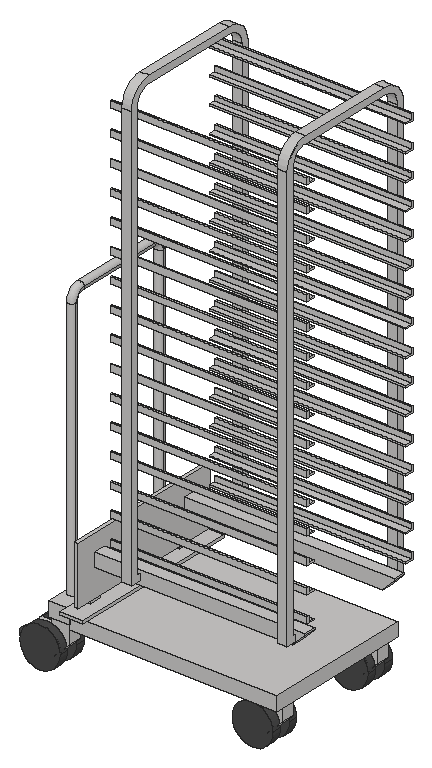
Revit family "QF_ELECTROLUXPROFESSIONAL_922761_TRPA2011C", category Attrezzature speciali, Revit 2020
Family settings
  Quota connettore circolare = Usa diametro
  Tipo di parte = Normale
  Basato su piano di lavoro = No
  Sempre verticale = Sì
  Taglio con vuoti quando caricato = No
  Condiviso = No
  Punto di calcolo locali = No
Parameters (values of type "Standard")
  Weight = 0.00 kg
  Watts = 0 W
  Volts = 0 V
  URL Manufacturer = ""
  URL = ""
  Steam Supply Size = 0 mm
  Steam Supply Minimum Pressure = 0.0 Pa
  Steam Supply Maximum Pressure = 0.0 Pa
  Steam Consumption per Hour = 0
  Show Clearance [instance] = yes
  Refrigeration Suction Line Size = 0 mm
  Refrigeration Liquid Line Size = 0 mm
  Refrigerant Compressor Remote = yes
  Prospetto di default = 0 mm
  Manufacturer = ""
  Phase = 0
  Model = ""
  Length Actual = 544 mm  # constant formula
  Item Number = ""
  Hot Water Size = 0 mm
  Height Actual = 1695 mm  # constant formula
  HP = ""
  Gas Size = 0 mm
  Gas KW = 0
  Gas Input Pressure = 0 W
  Direct Waste Size = 0 mm
  Description = ""
  Depth Actual = 841 mm  # constant formula
  Cycle = 0 Hz
  Condensate Return Size = 0 mm
  Compressed Air Volume = 0.0 L/s
  Compressed Air Size = 0 mm
  Compressed Air Pressure = 0.0 Pa
  Cold Water Size = 0 mm
  Accessory = yes
Reference planes
  plane 1 "Back": y = 0
  plane 2: z = 0
  plane 3 "FRONT": y = -544
  plane 4 "LEFT": x = -126
  plane 5 "RIGHT": x = 747
  plane 6: x = 310.5
  plane 7 "Centro Avanti/Indietro": y = -272
  plane 8: z = 1039
  plane 9: z = 130
  plane 10: z = 303
  plane 11: z = 62.5
  plane 12: y = -38.5
  plane 13: y = -505.5
  plane 14: y = -98.5
  plane 15: y = -445.5
  plane 16: y = -64
  plane 17: y = -480
  plane 18: y = -455.5
  plane 19: y = -88.5
  plane 20: z = 1695
Forms (mm)
  Extrusion 1, solid, material "QF_Finishes_Stainless Steel"
    sketch origin (29.224, 168.988, 0) x (-1, 0, 0) y (0, 0, 1)
      loop
        line (111.112, 108.639) -> (50.962, 108.639) -> (50.962, 145.401) -> (-2.479, 145.401) -> (-2.479, 84.018) -> (42.521, 39.018) -> (111.112, 39.018) -> (111.112, 108.639)
    from -668.238 to -629.997
  Extrusion 2, solid, material "QF_Finishes_Black"
    sketch origin (-0.776, 166.488, 1.25) x (-1, 0, 0) y (0, 0, 1)
      loop
        circle (37.949, 63.776) r 62.5
    from -627.497 to -600.488
  Extrusion 3, solid, material "QF_Finishes_Stainless Steel"
    sketch origin (0, 0, 0) x (1, 0, 0) y (0, 1, 0)
      loop
        line (36.598, -38.5) -> (36.598, -505.5) -> (677.106, -505.5) -> (677.106, -38.5) -> (36.598, -38.5)
    from 130 to 172.815
  Extrusion 4, solid, material "QF_Finishes_Stainless Steel"
    sketch origin (0, 250, 0) x (-1, 0, 0) y (0, 0, 1)
      loop
        line (27.318, 188.74) -> (-36.598, 188.74) -> (-36.598, 145.401) -> (27.318, 145.401) -> (27.318, 188.74)
    from -755.5 to -288.5
  Extrusion 5, solid, material "QF_Finishes_Stainless Steel"
    sketch origin (0, 0, 0) x (1, 0, 0) y (0, 1, 0)
      loop
        line (36.598, 0) -> (36.598, -544) -> (107.934, -544) -> (107.934, 0) -> (36.598, 0)
    from 188.74 to 196.958
  Extrusion 6, solid, material "QF_Finishes_Stainless Steel"
    sketch origin (0, 0, 0) x (0, 1, 0) y (0, 0, 1)
      loop
        line (-18.5, 393.148) -> (-525.5, 393.148) -> (-525.5, 213.148) -> (-18.5, 213.148) -> (-18.5, 393.148)
    from 68.292 to 79
  Extrusion 7, solid, material "QF_Finishes_Stainless Steel"
    sketch origin (0, 250.569, 0) x (-1, 0, 0) y (0, 0, 1)
      loop
        line (-79, 343.896) -> (-729.703, 343.896) -> (-729.703, 338.896) -> (-693.807, 303) -> (-79, 303) -> (-79, 343.896)
    from -368.139 to -330
  Extrusion 8, solid, material "QF_Finishes_Stainless Steel"
    sketch origin (0, -794.569, 0) x (-1, 0, 0) y (0, 0, -1)
      loop
        line (-79, -343.896) -> (-79, -303) -> (-693.807, -303) -> (-729.703, -338.896) -> (-729.703, -343.896) -> (-79, -343.896)
    from -368.139 to -330
  Extrusion 9, solid, material "QF_Finishes_Stainless Steel"
    sketch origin (0, 0.569, 0) x (1, 0, 0) y (0, 1, 0)
      loop
        line (36.598, -79.985) -> (36.598, -118.139) -> (68.292, -118.139) -> (68.292, -79.985) -> (36.598, -79.985)
    from 172.815 to 343.896
  Extrusion 10, solid, material "QF_Finishes_Stainless Steel"
    sketch origin (0, -544.569, 0) x (1, 0, 0) y (0, 1, 0)
      loop
        line (36.598, 79.985) -> (68.292, 79.985) -> (68.292, 118.139) -> (36.598, 118.139) -> (36.598, 79.985)
    from 172.815 to 343.896
  Sweep 11, solid, material "QF_Finishes_Stainless Steel"
    path origin (-7.5, 0, 0) x (0, 1, 0) y (0, 0, 1)
      loop
        line (-103.5, 188.74) -> (-103.5, 996.5)
        arc (-103.5, 996.5) -> (-112.287, 1017.713) -> (-133.5, 1026.5) r 30
        line (-133.5, 1026.5) -> (-410.5, 1026.5)
        arc (-410.5, 1026.5) -> (-431.713, 1017.713) -> (-440.5, 996.5) r 30
        line (-440.5, 996.5) -> (-440.5, 188.74)
    profile origin (-7.5, -440.5, 592.62) x (1, 0, 0) y (0, 1, 0)
      loop
        circle (0, 0) r 12.5
  Extrusion 12, solid, material "QF_Finishes_Black"
    sketch origin (-0.776, -1129.75, 1.25) x (-1, 0, 0) y (0, 0, -1)
      loop
        circle (37.949, -63.776) r 62.5
    from -630.5 to -605.432
  Extrusion 13, solid, material "QF_Finishes_Black"
    sketch origin (-1286.156, -754.376, -35) x (1, 0, 0) y (0, 1, 0)
      loop
        line (1211.509, 293.368) -> (1184.931, 293.368) -> (1184.931, 305.126)
        arc (1184.931, 305.126) -> (1160.117, 272.745) -> (1184.931, 240.364) r 33.534
        line (1184.931, 240.364) -> (1184.931, 255.126) -> (1211.509, 255.126) -> (1211.509, 293.368)
    from 101.353 to 108.639
  Extrusion 14, solid, material "QF_Finishes_Stainless Steel"
    sketch origin (29.224, -712.988, 0) x (-1, 0, 0) y (0, 0, -1)
      loop
        line (111.112, -108.639) -> (111.112, -39.018) -> (42.521, -39.018) -> (-2.479, -84.018) -> (-2.479, -145.401) -> (50.962, -145.401) -> (50.962, -108.639) -> (111.112, -108.639)
    from -668.238 to -629.997
  Extrusion 15, solid, material "QF_Finishes_Black"
    sketch origin (-0.776, -710.488, 1.25) x (-1, 0, 0) y (0, 0, -1)
      loop
        circle (37.949, -63.776) r 62.5
    from -627.497 to -600.488
  Extrusion 16, solid, material "QF_Finishes_Black"
    sketch origin (-0.776, 585.75, 1.25) x (-1, 0, 0) y (0, 0, 1)
      loop
        circle (37.949, 63.776) r 62.5
    from -630.5 to -605.432
  Extrusion 17, solid, material "QF_Finishes_Black"
    sketch origin (-1286.156, 210.376, -35) x (1, 0, 0) y (0, 1, 0)
      loop
        line (1211.509, -293.368) -> (1211.509, -255.126) -> (1184.931, -255.126) -> (1184.931, -240.364)
        arc (1184.931, -240.364) -> (1160.117, -272.745) -> (1184.931, -305.126) r 33.534
        line (1184.931, -305.126) -> (1184.931, -293.368) -> (1211.509, -293.368)
    from 101.353 to 108.639
  Extrusion 18, solid, material "QF_Finishes_Stainless Steel"
    sketch origin (667.246, 560.617, 0) x (-1, 0, 0) y (0, 0, 1)
      loop
        line (111.112, 108.639) -> (50.962, 108.639) -> (50.962, 145.401) -> (-2.479, 145.401) -> (-2.479, 84.018) -> (42.521, 39.018) -> (111.112, 39.018) -> (111.112, 108.639)
    from -668.238 to -629.997
  Extrusion 19, solid, material "QF_Finishes_Black"
    sketch origin (637.246, 558.117, 1.25) x (-1, 0, 0) y (0, 0, 1)
      loop
        circle (37.949, 63.776) r 62.5
    from -627.497 to -600.488
  Extrusion 20, solid, material "QF_Finishes_Black"
    sketch origin (637.246, -738.121, 1.25) x (-1, 0, 0) y (0, 0, -1)
      loop
        circle (37.949, -63.776) r 62.5
    from -630.5 to -605.432
  Extrusion 21, solid, material "QF_Finishes_Stainless Steel"
    sketch origin (667.246, -1104.617, 0) x (-1, 0, 0) y (0, 0, -1)
      loop
        line (111.112, -108.639) -> (111.112, -39.018) -> (42.521, -39.018) -> (-2.479, -84.018) -> (-2.479, -145.401) -> (50.962, -145.401) -> (50.962, -108.639) -> (111.112, -108.639)
    from -668.238 to -629.997
  Extrusion 22, solid, material "QF_Finishes_Black"
    sketch origin (637.246, -1102.117, 1.25) x (-1, 0, 0) y (0, 0, -1)
      loop
        circle (37.949, -63.776) r 62.5
    from -627.497 to -600.488
  Extrusion 23, solid, material "QF_Finishes_Black"
    sketch origin (637.246, 194.121, 1.25) x (-1, 0, 0) y (0, 0, 1)
      loop
        circle (37.949, 63.776) r 62.5
    from -630.5 to -605.432
  Sweep 24, solid, material "QF_Finishes_Stainless Steel"
    path origin (206.25, 0, 0) x (0, 1, 0) y (0, 0, 1)
      loop
        line (-79.431, 323.448) -> (-58.5, 323.448) -> (-58.5, 1625)
        arc (-58.5, 1625) -> (-76.074, 1667.426) -> (-118.5, 1685) r 60
        line (-118.5, 1685) -> (-425.5, 1685)
        arc (-425.5, 1685) -> (-467.926, 1667.426) -> (-485.5, 1625) r 60
        line (-485.5, 1625) -> (-485.5, 323.448) -> (-464.569, 323.448)
    profile origin (206.25, -68.965, 323.448) x (0, 0, 1) y (1, 0, 0)
      loop
        line (-10, -15) -> (10, -15) -> (10, 15) -> (-10, 15) -> (-10, -15)
  Sweep 25, solid, material "QF_Finishes_Stainless Steel"
    path origin (686.25, 0, 0) x (0, 1, 0) y (0, 0, 1)
      loop
        line (-79.431, 323.448) -> (-58.5, 323.448) -> (-58.5, 1625)
        arc (-58.5, 1625) -> (-76.074, 1667.426) -> (-118.5, 1685) r 60
        line (-118.5, 1685) -> (-425.5, 1685)
        arc (-425.5, 1685) -> (-467.926, 1667.426) -> (-485.5, 1625) r 60
        line (-485.5, 1625) -> (-485.5, 323.448) -> (-464.569, 323.448)
    profile origin (686.25, -68.965, 323.448) x (0, 0, 1) y (1, 0, 0)
      loop
        line (-10, -15) -> (10, -15) -> (10, 15) -> (-10, 15) -> (-10, -15)
  Extrusion 26, solid, material "QF_Finishes_Stainless Steel"
    sketch origin (0, 0, 0) x (0, 1, 0) y (0, 0, 1)
      loop
        line (-68.5, 1617.949) -> (-73.5, 1617.949) -> (-73.5, 1602.949) -> (-93.5, 1602.949) -> (-93.5, 1597.949) -> (-68.5, 1597.949) -> (-68.5, 1617.949)
    from 140.755 to 747
  Extrusion 27, solid, material "QF_Finishes_Stainless Steel"
    sketch origin (0, -544, 0) x (0, -1, 0) y (0, 0, -1)
      loop
        line (-68.5, -1617.949) -> (-68.5, -1597.949) -> (-93.5, -1597.949) -> (-93.5, -1602.949) -> (-73.5, -1602.949) -> (-73.5, -1617.949) -> (-68.5, -1617.949)
    from 140.755 to 747
  Extrusion 28, solid, material "QF_Finishes_Stainless Steel"
    sketch origin (0, 0, -81) x (0, 1, 0) y (0, 0, 1)
      loop
        line (-68.5, 1617.949) -> (-73.5, 1617.949) -> (-73.5, 1602.949) -> (-93.5, 1602.949) -> (-93.5, 1597.949) -> (-68.5, 1597.949) -> (-68.5, 1617.949)
    from 140.755 to 747
  Extrusion 29, solid, material "QF_Finishes_Stainless Steel"
    sketch origin (0, -544, -81) x (0, -1, 0) y (0, 0, -1)
      loop
        line (-68.5, -1617.949) -> (-68.5, -1597.949) -> (-93.5, -1597.949) -> (-93.5, -1602.949) -> (-73.5, -1602.949) -> (-73.5, -1617.949) -> (-68.5, -1617.949)
    from 140.755 to 747
  Extrusion 30, solid, material "QF_Finishes_Stainless Steel"
    sketch origin (0, 0, -162) x (0, 1, 0) y (0, 0, 1)
      loop
        line (-68.5, 1617.949) -> (-73.5, 1617.949) -> (-73.5, 1602.949) -> (-93.5, 1602.949) -> (-93.5, 1597.949) -> (-68.5, 1597.949) -> (-68.5, 1617.949)
    from 140.755 to 747
  Extrusion 31, solid, material "QF_Finishes_Stainless Steel"
    sketch origin (0, -544, -162) x (0, -1, 0) y (0, 0, -1)
      loop
        line (-68.5, -1617.949) -> (-68.5, -1597.949) -> (-93.5, -1597.949) -> (-93.5, -1602.949) -> (-73.5, -1602.949) -> (-73.5, -1617.949) -> (-68.5, -1617.949)
    from 140.755 to 747
  Extrusion 32, solid, material "QF_Finishes_Stainless Steel"
    sketch origin (0, 0, -243) x (0, 1, 0) y (0, 0, 1)
      loop
        line (-68.5, 1617.949) -> (-73.5, 1617.949) -> (-73.5, 1602.949) -> (-93.5, 1602.949) -> (-93.5, 1597.949) -> (-68.5, 1597.949) -> (-68.5, 1617.949)
    from 140.755 to 747
  Extrusion 33, solid, material "QF_Finishes_Stainless Steel"
    sketch origin (0, -544, -243) x (0, -1, 0) y (0, 0, -1)
      loop
        line (-68.5, -1617.949) -> (-68.5, -1597.949) -> (-93.5, -1597.949) -> (-93.5, -1602.949) -> (-73.5, -1602.949) -> (-73.5, -1617.949) -> (-68.5, -1617.949)
    from 140.755 to 747
  Extrusion 34, solid, material "QF_Finishes_Stainless Steel"
    sketch origin (0, 0, -324) x (0, 1, 0) y (0, 0, 1)
      loop
        line (-68.5, 1617.949) -> (-73.5, 1617.949) -> (-73.5, 1602.949) -> (-93.5, 1602.949) -> (-93.5, 1597.949) -> (-68.5, 1597.949) -> (-68.5, 1617.949)
    from 140.755 to 747
  Extrusion 35, solid, material "QF_Finishes_Stainless Steel"
    sketch origin (0, -544, -324) x (0, -1, 0) y (0, 0, -1)
      loop
        line (-68.5, -1617.949) -> (-68.5, -1597.949) -> (-93.5, -1597.949) -> (-93.5, -1602.949) -> (-73.5, -1602.949) -> (-73.5, -1617.949) -> (-68.5, -1617.949)
    from 140.755 to 747
  Extrusion 36, solid, material "QF_Finishes_Stainless Steel"
    sketch origin (0, 0, -405) x (0, 1, 0) y (0, 0, 1)
      loop
        line (-68.5, 1617.949) -> (-73.5, 1617.949) -> (-73.5, 1602.949) -> (-93.5, 1602.949) -> (-93.5, 1597.949) -> (-68.5, 1597.949) -> (-68.5, 1617.949)
    from 140.755 to 747
  Extrusion 37, solid, material "QF_Finishes_Stainless Steel"
    sketch origin (0, -544, -405) x (0, -1, 0) y (0, 0, -1)
      loop
        line (-68.5, -1617.949) -> (-68.5, -1597.949) -> (-93.5, -1597.949) -> (-93.5, -1602.949) -> (-73.5, -1602.949) -> (-73.5, -1617.949) -> (-68.5, -1617.949)
    from 140.755 to 747
  Extrusion 38, solid, material "QF_Finishes_Stainless Steel"
    sketch origin (0, 0, -486) x (0, 1, 0) y (0, 0, 1)
      loop
        line (-68.5, 1617.949) -> (-73.5, 1617.949) -> (-73.5, 1602.949) -> (-93.5, 1602.949) -> (-93.5, 1597.949) -> (-68.5, 1597.949) -> (-68.5, 1617.949)
    from 140.755 to 747
  Extrusion 39, solid, material "QF_Finishes_Stainless Steel"
    sketch origin (0, -544, -486) x (0, -1, 0) y (0, 0, -1)
      loop
        line (-68.5, -1617.949) -> (-68.5, -1597.949) -> (-93.5, -1597.949) -> (-93.5, -1602.949) -> (-73.5, -1602.949) -> (-73.5, -1617.949) -> (-68.5, -1617.949)
    from 140.755 to 747
  Extrusion 40, solid, material "QF_Finishes_Stainless Steel"
    sketch origin (0, 0, -567) x (0, 1, 0) y (0, 0, 1)
      loop
        line (-68.5, 1617.949) -> (-73.5, 1617.949) -> (-73.5, 1602.949) -> (-93.5, 1602.949) -> (-93.5, 1597.949) -> (-68.5, 1597.949) -> (-68.5, 1617.949)
    from 140.755 to 747
  Extrusion 41, solid, material "QF_Finishes_Stainless Steel"
    sketch origin (0, -544, -567) x (0, -1, 0) y (0, 0, -1)
      loop
        line (-68.5, -1617.949) -> (-68.5, -1597.949) -> (-93.5, -1597.949) -> (-93.5, -1602.949) -> (-73.5, -1602.949) -> (-73.5, -1617.949) -> (-68.5, -1617.949)
    from 140.755 to 747
  Extrusion 42, solid, material "QF_Finishes_Stainless Steel"
    sketch origin (0, 0, -648) x (0, 1, 0) y (0, 0, 1)
      loop
        line (-68.5, 1617.949) -> (-73.5, 1617.949) -> (-73.5, 1602.949) -> (-93.5, 1602.949) -> (-93.5, 1597.949) -> (-68.5, 1597.949) -> (-68.5, 1617.949)
    from 140.755 to 747
  Extrusion 43, solid, material "QF_Finishes_Stainless Steel"
    sketch origin (0, -544, -648) x (0, -1, 0) y (0, 0, -1)
      loop
        line (-68.5, -1617.949) -> (-68.5, -1597.949) -> (-93.5, -1597.949) -> (-93.5, -1602.949) -> (-73.5, -1602.949) -> (-73.5, -1617.949) -> (-68.5, -1617.949)
    from 140.755 to 747
  Extrusion 44, solid, material "QF_Finishes_Stainless Steel"
    sketch origin (0, 0, -729) x (0, 1, 0) y (0, 0, 1)
      loop
        line (-68.5, 1617.949) -> (-73.5, 1617.949) -> (-73.5, 1602.949) -> (-93.5, 1602.949) -> (-93.5, 1597.949) -> (-68.5, 1597.949) -> (-68.5, 1617.949)
    from 140.755 to 747
  Extrusion 45, solid, material "QF_Finishes_Stainless Steel"
    sketch origin (0, -544, -729) x (0, -1, 0) y (0, 0, -1)
      loop
        line (-68.5, -1617.949) -> (-68.5, -1597.949) -> (-93.5, -1597.949) -> (-93.5, -1602.949) -> (-73.5, -1602.949) -> (-73.5, -1617.949) -> (-68.5, -1617.949)
    from 140.755 to 747
  Extrusion 46, solid, material "QF_Finishes_Stainless Steel"
    sketch origin (0, 0, -810) x (0, 1, 0) y (0, 0, 1)
      loop
        line (-68.5, 1617.949) -> (-73.5, 1617.949) -> (-73.5, 1602.949) -> (-93.5, 1602.949) -> (-93.5, 1597.949) -> (-68.5, 1597.949) -> (-68.5, 1617.949)
    from 140.755 to 747
  Extrusion 47, solid, material "QF_Finishes_Stainless Steel"
    sketch origin (0, -544, -810) x (0, -1, 0) y (0, 0, -1)
      loop
        line (-68.5, -1617.949) -> (-68.5, -1597.949) -> (-93.5, -1597.949) -> (-93.5, -1602.949) -> (-73.5, -1602.949) -> (-73.5, -1617.949) -> (-68.5, -1617.949)
    from 140.755 to 747
  Extrusion 48, solid, material "QF_Finishes_Stainless Steel"
    sketch origin (0, 0, -891) x (0, 1, 0) y (0, 0, 1)
      loop
        line (-68.5, 1617.949) -> (-73.5, 1617.949) -> (-73.5, 1602.949) -> (-93.5, 1602.949) -> (-93.5, 1597.949) -> (-68.5, 1597.949) -> (-68.5, 1617.949)
    from 140.755 to 747
  Extrusion 49, solid, material "QF_Finishes_Stainless Steel"
    sketch origin (0, -544, -891) x (0, -1, 0) y (0, 0, -1)
      loop
        line (-68.5, -1617.949) -> (-68.5, -1597.949) -> (-93.5, -1597.949) -> (-93.5, -1602.949) -> (-73.5, -1602.949) -> (-73.5, -1617.949) -> (-68.5, -1617.949)
    from 140.755 to 747
  Extrusion 50, solid, material "QF_Finishes_Stainless Steel"
    sketch origin (0, 0, -972) x (0, 1, 0) y (0, 0, 1)
      loop
        line (-68.5, 1617.949) -> (-73.5, 1617.949) -> (-73.5, 1602.949) -> (-93.5, 1602.949) -> (-93.5, 1597.949) -> (-68.5, 1597.949) -> (-68.5, 1617.949)
    from 140.755 to 747
  Extrusion 51, solid, material "QF_Finishes_Stainless Steel"
    sketch origin (0, -544, -972) x (0, -1, 0) y (0, 0, -1)
      loop
        line (-68.5, -1617.949) -> (-68.5, -1597.949) -> (-93.5, -1597.949) -> (-93.5, -1602.949) -> (-73.5, -1602.949) -> (-73.5, -1617.949) -> (-68.5, -1617.949)
    from 140.755 to 747
  Extrusion 52, solid, material "QF_Finishes_Stainless Steel"
    sketch origin (0, 0, -1053) x (0, 1, 0) y (0, 0, 1)
      loop
        line (-68.5, 1617.949) -> (-73.5, 1617.949) -> (-73.5, 1602.949) -> (-93.5, 1602.949) -> (-93.5, 1597.949) -> (-68.5, 1597.949) -> (-68.5, 1617.949)
    from 140.755 to 747
  Extrusion 53, solid, material "QF_Finishes_Stainless Steel"
    sketch origin (0, -544, -1053) x (0, -1, 0) y (0, 0, -1)
      loop
        line (-68.5, -1617.949) -> (-68.5, -1597.949) -> (-93.5, -1597.949) -> (-93.5, -1602.949) -> (-73.5, -1602.949) -> (-73.5, -1617.949) -> (-68.5, -1617.949)
    from 140.755 to 747
  Extrusion 54, solid, material "QF_Finishes_Stainless Steel"
    sketch origin (0, 0, -1134) x (0, 1, 0) y (0, 0, 1)
      loop
        line (-68.5, 1617.949) -> (-73.5, 1617.949) -> (-73.5, 1602.949) -> (-93.5, 1602.949) -> (-93.5, 1597.949) -> (-68.5, 1597.949) -> (-68.5, 1617.949)
    from 140.755 to 747
  Extrusion 55, solid, material "QF_Finishes_Stainless Steel"
    sketch origin (0, -544, -1134) x (0, -1, 0) y (0, 0, -1)
      loop
        line (-68.5, -1617.949) -> (-68.5, -1597.949) -> (-93.5, -1597.949) -> (-93.5, -1602.949) -> (-73.5, -1602.949) -> (-73.5, -1617.949) -> (-68.5, -1617.949)
    from 140.755 to 747
  Extrusion 56, solid, material "QF_Finishes_Stainless Steel"
    sketch origin (0, 0, -1215) x (0, 1, 0) y (0, 0, 1)
      loop
        line (-68.5, 1617.949) -> (-73.5, 1617.949) -> (-73.5, 1602.949) -> (-93.5, 1602.949) -> (-93.5, 1597.949) -> (-68.5, 1597.949) -> (-68.5, 1617.949)
    from 140.755 to 747
  Extrusion 57, solid, material "QF_Finishes_Stainless Steel"
    sketch origin (0, -544, -1215) x (0, -1, 0) y (0, 0, -1)
      loop
        line (-68.5, -1617.949) -> (-68.5, -1597.949) -> (-93.5, -1597.949) -> (-93.5, -1602.949) -> (-73.5, -1602.949) -> (-73.5, -1617.949) -> (-68.5, -1617.949)
    from 140.755 to 747
Cuts and joins
  joined: Extrusion 5, Extrusion 9, Extrusion 10
Dimensions and locks
  plane 4 "LEFT" to plane 5 "RIGHT" = 873 mm
  plane 3 "FRONT" to plane 1 "Back" = 544 mm
  equal spacing: plane 4 "LEFT", plane 6, plane 5 "RIGHT"
  equal spacing: plane 3 "FRONT", plane 7 "Centro Avanti/Indietro", plane 1 "Back"
  plane 8 to plane 2 = 1039 mm
  locked: plane 9 to plane 2 at 130
  plane 10 to plane 2 = 303 mm
  plane 11 to plane 2 = 62.5 mm
  equal spacing: plane 12, plane 7 "Centro Avanti/Indietro", plane 13
  plane 12 to plane 13 = 467 mm
  locked: plane 12 to Sweep 11 sketch curve at 65
  locked: Sweep 11 sketch curve to plane 13 at 65
  locked: plane 13 to Extrusion 6 sketch curve at 20
  locked: Extrusion 6 sketch curve to plane 12 at 20
  locked: plane 15 to plane 13 at 60
  locked: plane 12 to plane 14 at 60
  equal spacing: plane 16, plane 7 "Centro Avanti/Indietro", plane 17
  plane 16 to plane 17 = 416 mm
  equal spacing: plane 18, plane 7 "Centro Avanti/Indietro", plane 19
  plane 18 to plane 19 = 367 mm
  plane 2 to plane 20 = 1695 mm
  locked: Sweep 24 sketch curve to plane 13 at 20
  locked: plane 12 to Sweep 24 sketch curve at 20
  locked: Sweep 24 sketch curve to plane 20 at 10
  aligned and locked: level to plane 2
  aligned and locked: Extrusion 3 sketch curve to plane 12
  aligned and locked: plane 13 to Extrusion 3 sketch curve
  aligned and locked: plane 9 to Extrusion 3
  aligned and locked: Extrusion 4 to plane 13
  aligned and locked: plane 12 to Extrusion 4
  aligned and locked: plane 1 "Back" to Extrusion 5 sketch curve
  aligned and locked: plane 3 "FRONT" to Extrusion 5 sketch curve
  aligned and locked: Extrusion 5 sketch curve to Extrusion 4
  aligned and locked: plane 12 to Extrusion 3
  aligned and locked: Extrusion 3 to plane 13
Automatic sketch dimensions
  plane 11 to Extrusion 1 sketch curve = 21.518 mm
  plane 4 "LEFT" to Extrusion 1 sketch curve = 157.703 mm
  Extrusion 1 sketch curve to plane 11 = 23.482 mm
  Extrusion 1 sketch curve to Extrusion 1 sketch curve = 45 mm
  Extrusion 1 sketch curve to plane 9 = 15.401 mm
  Extrusion 1 sketch curve to Extrusion 1 sketch curve = 53.441 mm
  plane 4 "LEFT" to Extrusion 1 sketch curve = 44.112 mm
  plane 9 to Extrusion 1 sketch curve = 21.361 mm
  plane 11 to Extrusion 2 sketch curve = 2.526 mm
  plane 4 "LEFT" to Extrusion 2 sketch curve = 87.276 mm
  plane 4 "LEFT" to Extrusion 3 sketch curve = 162.598 mm
  plane 5 "RIGHT" to Extrusion 3 sketch curve = 69.894 mm
  Extrusion 4 sketch curve to plane 9 = 58.74 mm
  plane 4 "LEFT" to Extrusion 4 sketch curve = 162.598 mm
  Extrusion 4 sketch curve to plane 9 = 15.401 mm
  Extrusion 4 sketch curve to Extrusion 4 sketch curve = 63.916 mm
  Extrusion 5 sketch curve to Extrusion 5 sketch curve = 71.336 mm
  Extrusion 6 sketch curve to plane 9 = 83.148 mm
  Extrusion 6 sketch curve to plane 10 = 90.148 mm
  Extrusion 7 sketch curve to plane 10 = 0 mm
  plane 5 "RIGHT" to Extrusion 7 sketch curve = 17.297 mm
  Extrusion 7 sketch curve to Extrusion 7 sketch curve = 35.896 mm
  plane 4 "LEFT" to Extrusion 7 sketch curve = 205 mm
  Extrusion 7 sketch curve to plane 10 = 35.896 mm
  Extrusion 7 sketch curve to Extrusion 7 sketch curve = 5 mm
  Extrusion 8 sketch curve to plane 10 = 0 mm
  plane 5 "RIGHT" to Extrusion 8 sketch curve = 17.297 mm
  Extrusion 8 sketch curve to Extrusion 8 sketch curve = 35.896 mm
  plane 4 "LEFT" to Extrusion 8 sketch curve = 205 mm
  Extrusion 8 sketch curve to plane 10 = 35.896 mm
  Extrusion 8 sketch curve to plane 10 = 40.896 mm
  plane 14 to Extrusion 9 sketch curve = 19.069 mm
  plane 4 "LEFT" to Extrusion 9 sketch curve = 162.598 mm
  Extrusion 9 sketch curve to Extrusion 9 sketch curve = 31.695 mm
  plane 19 to Extrusion 9 sketch curve = 9.085 mm
  plane 15 to Extrusion 10 sketch curve = 19.069 mm
  Extrusion 10 sketch curve to plane 4 "LEFT" = 162.598 mm
  Extrusion 10 sketch curve to Extrusion 10 sketch curve = 31.695 mm
  Extrusion 10 sketch curve to plane 18 = 9.085 mm
  Sweep 11 sketch curve to Sweep 11 sketch curve = 30 mm
  Sweep 11 sketch curve to plane 8 = 12.5 mm
  plane 14 to Sweep 11 sketch curve = 35 mm
  Sweep 11 sketch curve to plane 9 = 58.74 mm  (x2)
  profile plane to Sweep 11 sketch curve = 0 mm
  Sweep 11 sketch curve to profile plane = 0 mm
  plane 11 to Extrusion 12 sketch curve = 2.526 mm
  plane 4 "LEFT" to Extrusion 12 sketch curve = 87.276 mm
  plane 18 to Extrusion 13 sketch curve = 5.509 mm
  plane 4 "LEFT" to Extrusion 13 sketch curve = 24.776 mm  (x2)
  plane 13 to Extrusion 13 sketch curve = 6.25 mm
  plane 17 to Extrusion 13 sketch curve = 1.631 mm
  Extrusion 13 sketch curve to Extrusion 13 sketch curve = 8.72 mm
  Extrusion 13 sketch curve to Extrusion 13 sketch curve = 26.578 mm
  Extrusion 13 sketch curve to plane 13 = 8.512 mm
  plane 11 to Extrusion 14 sketch curve = 21.518 mm
  plane 4 "LEFT" to Extrusion 14 sketch curve = 157.703 mm
  Extrusion 14 sketch curve to plane 11 = 23.482 mm
  Extrusion 14 sketch curve to Extrusion 14 sketch curve = 45 mm
  Extrusion 14 sketch curve to plane 9 = 15.401 mm
  Extrusion 14 sketch curve to Extrusion 14 sketch curve = 53.441 mm
  plane 4 "LEFT" to Extrusion 14 sketch curve = 44.112 mm
  plane 9 to Extrusion 14 sketch curve = 21.361 mm
  plane 11 to Extrusion 15 sketch curve = 2.526 mm
  plane 4 "LEFT" to Extrusion 15 sketch curve = 87.276 mm
  plane 11 to Extrusion 16 sketch curve = 2.526 mm
  plane 4 "LEFT" to Extrusion 16 sketch curve = 87.276 mm
  plane 19 to Extrusion 17 sketch curve = 5.509 mm
  plane 4 "LEFT" to Extrusion 17 sketch curve = 24.776 mm  (x2)
  Extrusion 17 sketch curve to plane 12 = 6.25 mm
  Extrusion 17 sketch curve to plane 16 = 1.631 mm
  Extrusion 17 sketch curve to Extrusion 17 sketch curve = 8.72 mm
  Extrusion 17 sketch curve to Extrusion 17 sketch curve = 26.578 mm
  Extrusion 17 sketch curve to plane 14 = 3.75 mm
  plane 11 to Extrusion 18 sketch curve = 21.518 mm
  plane 5 "RIGHT" to Extrusion 18 sketch curve = 77.276 mm
  Extrusion 18 sketch curve to plane 11 = 23.482 mm
  Extrusion 18 sketch curve to Extrusion 18 sketch curve = 45 mm
  Extrusion 18 sketch curve to plane 9 = 15.401 mm
  Extrusion 18 sketch curve to Extrusion 18 sketch curve = 53.441 mm
  Extrusion 18 sketch curve to Extrusion 18 sketch curve = 68.591 mm
  plane 9 to Extrusion 18 sketch curve = 21.361 mm
  plane 11 to Extrusion 19 sketch curve = 2.526 mm
  plane 5 "RIGHT" to Extrusion 19 sketch curve = 147.703 mm
  plane 11 to Extrusion 20 sketch curve = 2.526 mm
  plane 5 "RIGHT" to Extrusion 20 sketch curve = 147.703 mm
  plane 11 to Extrusion 21 sketch curve = 21.518 mm
  plane 5 "RIGHT" to Extrusion 21 sketch curve = 77.276 mm
  Extrusion 21 sketch curve to plane 11 = 23.482 mm
  Extrusion 21 sketch curve to Extrusion 21 sketch curve = 45 mm
  Extrusion 21 sketch curve to plane 9 = 15.401 mm
  Extrusion 21 sketch curve to Extrusion 21 sketch curve = 53.441 mm
  Extrusion 21 sketch curve to Extrusion 21 sketch curve = 68.591 mm
  plane 9 to Extrusion 21 sketch curve = 21.361 mm
  plane 11 to Extrusion 22 sketch curve = 2.526 mm
  plane 5 "RIGHT" to Extrusion 22 sketch curve = 147.703 mm
  plane 11 to Extrusion 23 sketch curve = 2.526 mm
  plane 5 "RIGHT" to Extrusion 23 sketch curve = 147.703 mm
  Sweep 24 sketch curve to plane 15 = 20 mm
  plane 14 to Sweep 24 sketch curve = 20 mm
  Sweep 24 sketch curve to plane 10 = 20.448 mm  (x2)
  plane 18 to Sweep 24 sketch curve = 9.069 mm
  plane 19 to Sweep 24 sketch curve = 9.069 mm
  profile plane to Sweep 24 sketch curve = 10 mm
  Sweep 24 sketch curve to profile plane = 10 mm
  Sweep 24 sketch curve to profile plane = 15 mm
  profile plane to Sweep 24 sketch curve = 15 mm
  plane 17 to Sweep 25 sketch curve = 5.5 mm
  Sweep 25 sketch curve to plane 15 = 20 mm
  plane 14 to Sweep 25 sketch curve = 20 mm
  Sweep 25 sketch curve to plane 16 = 5.5 mm
  Sweep 25 sketch curve to plane 10 = 20.448 mm  (x2)
  plane 20 to Sweep 25 sketch curve = 70 mm
  plane 18 to Sweep 25 sketch curve = 9.069 mm
  plane 19 to Sweep 25 sketch curve = 9.069 mm
  profile plane to Sweep 25 sketch curve = 10 mm
  Sweep 25 sketch curve to profile plane = 10 mm
  Sweep 25 sketch curve to profile plane = 15 mm
  profile plane to Sweep 25 sketch curve = 15 mm
  Extrusion 26 sketch curve to Extrusion 26 sketch curve = 5 mm  (x2)
  Extrusion 26 sketch curve to Extrusion 26 sketch curve = 15 mm
  Extrusion 27 sketch curve to Extrusion 27 sketch curve = 15 mm
  Extrusion 27 sketch curve to Extrusion 27 sketch curve = 5 mm  (x2)
  Extrusion 26 sketch curve to Extrusion 26 sketch curve = 20 mm
  Extrusion 27 sketch curve to Extrusion 27 sketch curve = 20 mm
  Extrusion 28 sketch curve to Extrusion 28 sketch curve = 5 mm  (x2)
  Extrusion 28 sketch curve to Extrusion 28 sketch curve = 15 mm
  Extrusion 29 sketch curve to Extrusion 29 sketch curve = 15 mm
  Extrusion 29 sketch curve to Extrusion 29 sketch curve = 5 mm  (x2)
  Extrusion 28 sketch curve to Extrusion 28 sketch curve = 20 mm
  Extrusion 29 sketch curve to Extrusion 29 sketch curve = 20 mm
  Extrusion 30 sketch curve to Extrusion 30 sketch curve = 5 mm  (x2)
  Extrusion 30 sketch curve to Extrusion 30 sketch curve = 15 mm
  Extrusion 31 sketch curve to Extrusion 31 sketch curve = 15 mm
  Extrusion 31 sketch curve to Extrusion 31 sketch curve = 5 mm  (x2)
  Extrusion 30 sketch curve to Extrusion 30 sketch curve = 20 mm
  Extrusion 31 sketch curve to Extrusion 31 sketch curve = 20 mm
  Extrusion 32 sketch curve to Extrusion 32 sketch curve = 5 mm  (x2)
  Extrusion 32 sketch curve to Extrusion 32 sketch curve = 15 mm
  Extrusion 33 sketch curve to Extrusion 33 sketch curve = 15 mm
  Extrusion 33 sketch curve to Extrusion 33 sketch curve = 5 mm  (x2)
  Extrusion 32 sketch curve to Extrusion 32 sketch curve = 20 mm
  Extrusion 33 sketch curve to Extrusion 33 sketch curve = 20 mm
  Extrusion 34 sketch curve to Extrusion 34 sketch curve = 5 mm  (x2)
  Extrusion 34 sketch curve to Extrusion 34 sketch curve = 15 mm
  Extrusion 35 sketch curve to Extrusion 35 sketch curve = 15 mm
  Extrusion 35 sketch curve to Extrusion 35 sketch curve = 5 mm  (x2)
  Extrusion 34 sketch curve to Extrusion 34 sketch curve = 20 mm
  Extrusion 35 sketch curve to Extrusion 35 sketch curve = 20 mm
  Extrusion 36 sketch curve to Extrusion 36 sketch curve = 5 mm  (x2)
  Extrusion 36 sketch curve to Extrusion 36 sketch curve = 15 mm
  Extrusion 37 sketch curve to Extrusion 37 sketch curve = 15 mm
  Extrusion 37 sketch curve to Extrusion 37 sketch curve = 5 mm  (x2)
  Extrusion 36 sketch curve to Extrusion 36 sketch curve = 20 mm
  Extrusion 37 sketch curve to Extrusion 37 sketch curve = 20 mm
  Extrusion 38 sketch curve to Extrusion 38 sketch curve = 5 mm  (x2)
  Extrusion 38 sketch curve to Extrusion 38 sketch curve = 15 mm
  Extrusion 39 sketch curve to Extrusion 39 sketch curve = 15 mm
  Extrusion 39 sketch curve to Extrusion 39 sketch curve = 5 mm  (x2)
  Extrusion 38 sketch curve to Extrusion 38 sketch curve = 20 mm
  Extrusion 39 sketch curve to Extrusion 39 sketch curve = 20 mm
  Extrusion 40 sketch curve to Extrusion 40 sketch curve = 5 mm  (x2)
  Extrusion 40 sketch curve to Extrusion 40 sketch curve = 15 mm
  Extrusion 41 sketch curve to Extrusion 41 sketch curve = 15 mm
  Extrusion 41 sketch curve to Extrusion 41 sketch curve = 5 mm  (x2)
  Extrusion 40 sketch curve to Extrusion 40 sketch curve = 20 mm
  Extrusion 41 sketch curve to Extrusion 41 sketch curve = 20 mm
  Extrusion 42 sketch curve to Extrusion 42 sketch curve = 5 mm  (x2)
  Extrusion 42 sketch curve to Extrusion 42 sketch curve = 15 mm
  Extrusion 43 sketch curve to Extrusion 43 sketch curve = 15 mm
  Extrusion 43 sketch curve to Extrusion 43 sketch curve = 5 mm  (x2)
  Extrusion 42 sketch curve to Extrusion 42 sketch curve = 20 mm
  Extrusion 43 sketch curve to Extrusion 43 sketch curve = 20 mm
  Extrusion 44 sketch curve to Extrusion 44 sketch curve = 5 mm  (x2)
  Extrusion 44 sketch curve to Extrusion 44 sketch curve = 15 mm
  Extrusion 45 sketch curve to Extrusion 45 sketch curve = 15 mm
  Extrusion 45 sketch curve to Extrusion 45 sketch curve = 5 mm  (x2)
  Extrusion 44 sketch curve to Extrusion 44 sketch curve = 20 mm
  Extrusion 45 sketch curve to Extrusion 45 sketch curve = 20 mm
  Extrusion 46 sketch curve to Extrusion 46 sketch curve = 5 mm  (x2)
  Extrusion 46 sketch curve to Extrusion 46 sketch curve = 15 mm
  Extrusion 47 sketch curve to Extrusion 47 sketch curve = 15 mm
  Extrusion 47 sketch curve to Extrusion 47 sketch curve = 5 mm  (x2)
  Extrusion 46 sketch curve to Extrusion 46 sketch curve = 20 mm
  Extrusion 47 sketch curve to Extrusion 47 sketch curve = 20 mm
  Extrusion 48 sketch curve to Extrusion 48 sketch curve = 5 mm  (x2)
  Extrusion 48 sketch curve to Extrusion 48 sketch curve = 15 mm
  Extrusion 49 sketch curve to Extrusion 49 sketch curve = 15 mm
  Extrusion 49 sketch curve to Extrusion 49 sketch curve = 5 mm  (x2)
  Extrusion 48 sketch curve to Extrusion 48 sketch curve = 20 mm
  Extrusion 49 sketch curve to Extrusion 49 sketch curve = 20 mm
  Extrusion 50 sketch curve to Extrusion 50 sketch curve = 5 mm  (x2)
  Extrusion 50 sketch curve to Extrusion 50 sketch curve = 15 mm
  Extrusion 51 sketch curve to Extrusion 51 sketch curve = 15 mm
  Extrusion 51 sketch curve to Extrusion 51 sketch curve = 5 mm  (x2)
  Extrusion 50 sketch curve to Extrusion 50 sketch curve = 20 mm
  Extrusion 51 sketch curve to Extrusion 51 sketch curve = 20 mm
  Extrusion 52 sketch curve to Extrusion 52 sketch curve = 5 mm  (x2)
  Extrusion 52 sketch curve to Extrusion 52 sketch curve = 15 mm
  Extrusion 53 sketch curve to Extrusion 53 sketch curve = 15 mm
  Extrusion 53 sketch curve to Extrusion 53 sketch curve = 5 mm  (x2)
  Extrusion 52 sketch curve to Extrusion 52 sketch curve = 20 mm
  Extrusion 53 sketch curve to Extrusion 53 sketch curve = 20 mm
  Extrusion 54 sketch curve to Extrusion 54 sketch curve = 5 mm  (x2)
  Extrusion 54 sketch curve to Extrusion 54 sketch curve = 15 mm
  Extrusion 55 sketch curve to Extrusion 55 sketch curve = 15 mm
  Extrusion 55 sketch curve to Extrusion 55 sketch curve = 5 mm  (x2)
  Extrusion 54 sketch curve to Extrusion 54 sketch curve = 20 mm
  Extrusion 55 sketch curve to Extrusion 55 sketch curve = 20 mm
  Extrusion 56 sketch curve to Extrusion 56 sketch curve = 5 mm  (x2)
  Extrusion 56 sketch curve to Extrusion 56 sketch curve = 15 mm
  Extrusion 57 sketch curve to Extrusion 57 sketch curve = 15 mm
  Extrusion 57 sketch curve to Extrusion 57 sketch curve = 5 mm  (x2)
  Extrusion 56 sketch curve to Extrusion 56 sketch curve = 20 mm
  Extrusion 57 sketch curve to Extrusion 57 sketch curve = 20 mm
  Extrusion 26 sketch curve to plane 14 = 5 mm
  plane 20 to Extrusion 26 sketch curve = 97.051 mm
  plane 15 to Extrusion 27 sketch curve = 5 mm
  plane 20 to Extrusion 27 sketch curve = 77.051 mm
  Extrusion 28 sketch curve to plane 14 = 5 mm
  plane 20 to Extrusion 28 sketch curve = 178.051 mm
  plane 15 to Extrusion 29 sketch curve = 5 mm
  plane 20 to Extrusion 29 sketch curve = 158.051 mm
  Extrusion 30 sketch curve to plane 14 = 5 mm
  plane 20 to Extrusion 30 sketch curve = 259.051 mm
  plane 15 to Extrusion 31 sketch curve = 5 mm
  plane 20 to Extrusion 31 sketch curve = 239.051 mm
  Extrusion 32 sketch curve to plane 14 = 5 mm
  plane 8 to Extrusion 32 sketch curve = 315.949 mm
  plane 15 to Extrusion 33 sketch curve = 5 mm
  plane 20 to Extrusion 33 sketch curve = 320.051 mm
  Extrusion 34 sketch curve to plane 14 = 5 mm
  plane 8 to Extrusion 34 sketch curve = 234.949 mm
  plane 15 to Extrusion 35 sketch curve = 5 mm
  plane 8 to Extrusion 35 sketch curve = 254.949 mm
  Extrusion 36 sketch curve to plane 14 = 5 mm
  plane 8 to Extrusion 36 sketch curve = 153.949 mm
  plane 15 to Extrusion 37 sketch curve = 5 mm
  plane 8 to Extrusion 37 sketch curve = 173.949 mm
  Extrusion 38 sketch curve to plane 14 = 5 mm
  plane 8 to Extrusion 38 sketch curve = 72.949 mm
  plane 15 to Extrusion 39 sketch curve = 5 mm
  plane 8 to Extrusion 39 sketch curve = 92.949 mm
  Extrusion 40 sketch curve to plane 14 = 5 mm
  Extrusion 40 sketch curve to plane 8 = 8.051 mm
  plane 15 to Extrusion 41 sketch curve = 5 mm
  plane 8 to Extrusion 41 sketch curve = 11.949 mm
  Extrusion 42 sketch curve to plane 14 = 5 mm
  Extrusion 42 sketch curve to plane 8 = 89.051 mm
  plane 15 to Extrusion 43 sketch curve = 5 mm
  Extrusion 43 sketch curve to plane 8 = 69.051 mm
  Extrusion 44 sketch curve to plane 14 = 5 mm
  Extrusion 44 sketch curve to plane 8 = 170.051 mm
  plane 15 to Extrusion 45 sketch curve = 5 mm
  Extrusion 45 sketch curve to plane 8 = 150.051 mm
  Extrusion 46 sketch curve to plane 14 = 5 mm
  Extrusion 46 sketch curve to plane 8 = 251.051 mm
  plane 15 to Extrusion 47 sketch curve = 5 mm
  Extrusion 47 sketch curve to plane 8 = 231.051 mm
  Extrusion 48 sketch curve to plane 14 = 5 mm
  Extrusion 48 sketch curve to plane 8 = 332.051 mm
  plane 15 to Extrusion 49 sketch curve = 5 mm
  Extrusion 49 sketch curve to plane 8 = 312.051 mm
  Extrusion 50 sketch curve to plane 14 = 5 mm
  Extrusion 50 sketch curve to plane 10 = 322.949 mm
  plane 15 to Extrusion 51 sketch curve = 5 mm
  Extrusion 51 sketch curve to plane 10 = 342.949 mm
  Extrusion 52 sketch curve to plane 14 = 5 mm
  Extrusion 52 sketch curve to plane 10 = 241.949 mm
  plane 15 to Extrusion 53 sketch curve = 5 mm
  Extrusion 53 sketch curve to plane 10 = 261.949 mm
  Extrusion 54 sketch curve to plane 14 = 5 mm
  Extrusion 54 sketch curve to plane 10 = 160.949 mm
  plane 15 to Extrusion 55 sketch curve = 5 mm
  Extrusion 55 sketch curve to plane 10 = 180.949 mm
  Extrusion 56 sketch curve to plane 14 = 5 mm
  Extrusion 56 sketch curve to plane 10 = 79.949 mm
  plane 15 to Extrusion 57 sketch curve = 5 mm
  Extrusion 57 sketch curve to plane 10 = 99.949 mm
  radius of Extrusion 2 sketch curve = 62.5 mm
  radius of Sweep 11 sketch curve = 12.5 mm
  radius of Extrusion 12 sketch curve = 62.5 mm
  radius of Extrusion 15 sketch curve = 62.5 mm
  radius of Extrusion 16 sketch curve = 62.5 mm
  radius of Extrusion 19 sketch curve = 62.5 mm
  radius of Extrusion 20 sketch curve = 62.5 mm
  radius of Extrusion 22 sketch curve = 62.5 mm
  radius of Extrusion 23 sketch curve = 62.5 mm
